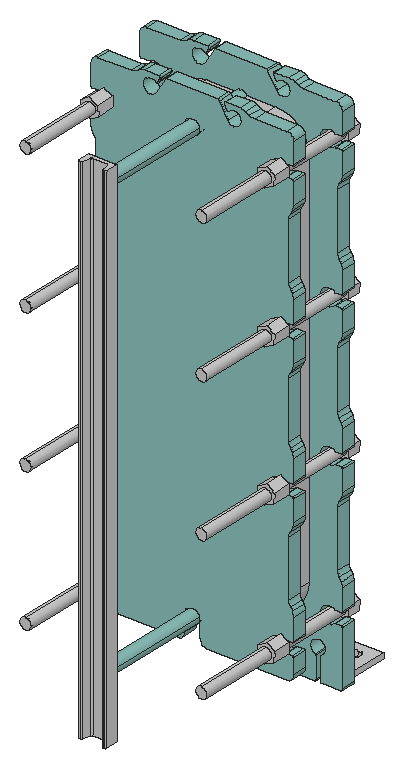
Revit family "Ekin_Endüstriyel - MIT508", category Specialty Equipment, Revit 2022 (continued)
Automatic sketch dimensions
  Extrusion 3 sketch curve to Extrusion 3 sketch curve = 21.75 mm  (x2)
  Extrusion 3 sketch curve to Extrusion 3 sketch curve = 24.00 mm
  Extrusion 3 sketch curve to Extrusion 3 sketch curve = 8.75 mm  (x12)
  Extrusion 3 sketch curve to Extrusion 3 sketch curve = 17.50 mm  (x4)
  Extrusion 3 sketch curve to Extrusion 3 sketch curve = 30.606 mm  (x12)
  Extrusion 3 sketch curve to Extrusion 3 sketch curve = 81.962 mm  (x6)
  Extrusion 3 sketch curve to Extrusion 3 sketch curve = 8.50 mm
  Extrusion 3 sketch curve to Extrusion 3 sketch curve = 26.75 mm  (x2)
  Extrusion 3 sketch curve to Extrusion 3 sketch curve = 29.75 mm  (x2)
  Extrusion 3 sketch curve to Extrusion 3 sketch curve = 5.25 mm  (x2)
  Extrusion 3 sketch curve to Extrusion 3 sketch curve = 8.357 mm  (x2)
  Extrusion 3 sketch curve to Extrusion 3 sketch curve = 1.00 mm  (x5)
  Extrusion 3 sketch curve to Extrusion 3 sketch curve = 5.643 mm  (x2)
  Extrusion 4 sketch curve to Extrusion 4 sketch curve = 0.00 mm  (x4)
  Extrusion 4 sketch curve to plane 3 "Center (Left/Right)" = 0.00 mm  (x2)
  level to Extrusion 4 sketch curve = 84.00 mm
  Extrusion 4 sketch curve to Extrusion 4 sketch curve = 632.00 mm
  plane 3 "Center (Left/Right)" to Extrusion 4 sketch curve = 9.375 mm  (x2)
  Extrusion 4 sketch curve to plane 3 "Center (Left/Right)" = 9.375 mm  (x2)
  Extrusion 4 sketch curve to Extrusion 4 sketch curve = 1.536 mm  (x2)
  Extrusion 5 sketch curve to Extrusion 5 sketch curve = 0.00 mm  (x16)
  Extrusion 5 sketch curve to plane 3 "Center (Left/Right)" = 126.80 mm  (x4)
  plane 3 "Center (Left/Right)" to Extrusion 5 sketch curve = 126.80 mm  (x4)
  level to Extrusion 5 sketch curve = 92.50 mm  (x2)
  Extrusion 5 sketch curve to Extrusion 5 sketch curve = 205.00 mm  (x6)
  Extrusion 5 sketch curve to Extrusion 5 sketch curve = 0.502 mm  (x16)
  Extrusion 6 sketch curve to plane 8 "3" = 0.00 mm
  plane 3 "Center (Left/Right)" to Extrusion 6 sketch curve = 20.00 mm
  Extrusion 6 sketch curve to Extrusion 6 sketch curve = 1.50 mm  (x3)
  Extrusion 6 sketch curve to Extrusion 6 sketch curve = 2.246 mm  (x2)
  Extrusion 6 sketch curve to Extrusion 6 sketch curve = 1.477 mm  (x2)
  Extrusion 6 sketch curve to Extrusion 6 sketch curve = 7.132 mm  (x2)
  Extrusion 6 sketch curve to Extrusion 6 sketch curve = 2.461 mm  (x2)
  Extrusion 6 sketch curve to plane 8 "3" = 5.00 mm
  Extrusion 6 sketch curve to plane 3 "Center (Left/Right)" = 10.407 mm
  Extrusion 6 sketch curve to plane 8 "3" = 7.061 mm
  Extrusion 6 sketch curve to Extrusion 6 sketch curve = 1.909 mm
  Extrusion 6 sketch curve to Extrusion 6 sketch curve = 2.061 mm
  Extrusion 6 sketch curve to Extrusion 6 sketch curve = 10.429 mm
  Extrusion 7 sketch curve to plane 3 "Center (Left/Right)" = 139.211 mm  (x4)
  Extrusion 7 sketch curve to Extrusion 7 sketch curve = 0.87 mm  (x12)
  Extrusion 7 sketch curve to Extrusion 7 sketch curve = 11.541 mm  (x12)
  Extrusion 7 sketch curve to Extrusion 7 sketch curve = 12.411 mm  (x16)
  plane 3 "Center (Left/Right)" to Extrusion 7 sketch curve = 114.389 mm  (x4)
  level to Extrusion 7 sketch curve = 78.671 mm  (x2)
  Extrusion 7 sketch curve to Extrusion 7 sketch curve = 6.161 mm  (x12)
  Extrusion 7 sketch curve to Extrusion 7 sketch curve = 7.668 mm  (x12)
  Extrusion 7 sketch curve to Extrusion 7 sketch curve = 13.829 mm  (x16)
  Extrusion 7 sketch curve to Extrusion 7 sketch curve = 177.342 mm  (x6)
  Extrusion 3 to Extrusion 8 sketch curve = 0.211 mm  (x8)
  Extrusion 8 sketch curve to Extrusion 3 = 0.659 mm  (x8)
  Extrusion 8 sketch curve to Extrusion 3 = 5.079 mm  (x16)
  Extrusion 8 sketch curve to Extrusion 3 = 11.33 mm  (x8)
  Extrusion 8 sketch curve to Extrusion 3 = 13.07 mm  (x8)
  Extrusion 3 to Extrusion 8 sketch curve = 1.082 mm  (x16)
  Extrusion 8 sketch curve to Extrusion 8 sketch curve = 12.411 mm  (x4)
  Extrusion 3 to Extrusion 8 sketch curve = 2.589 mm  (x16)
  Extrusion 8 sketch curve to Extrusion 8 sketch curve = 11.541 mm  (x2)
  Extrusion 8 sketch curve to Extrusion 8 sketch curve = 0.87 mm  (x6)
  Extrusion 8 sketch curve to Extrusion 3 = 24.611 mm  (x4)
  Extrusion 3 to Extrusion 9 sketch curve = 5.623 mm  (x8)
  Extrusion 3 to Extrusion 9 sketch curve = 3.882 mm  (x8)
  Extrusion 9 sketch curve to Extrusion 3 = 10.459 mm  (x8)
  Extrusion 9 sketch curve to Extrusion 3 = 13.941 mm  (x8)
  Extrusion 9 sketch curve to Extrusion 3 = 6.587 mm  (x16)
  Extrusion 9 sketch curve to Extrusion 9 sketch curve = 24.823 mm  (x4)
  Extrusion 9 sketch curve to Extrusion 3 = 3.572 mm  (x16)
  Extrusion 9 sketch curve to Extrusion 9 sketch curve = 1.741 mm  (x7)
  Extrusion 9 sketch curve to Extrusion 9 sketch curve = 23.082 mm
  Extrusion 9 sketch curve to Extrusion 3 = 37.023 mm  (x4)
  Extrusion 9 sketch curve to Extrusion 3 = 14.842 mm  (x2)
  Extrusion 9 sketch curve to Extrusion 3 = 18.908 mm  (x14)
  Extrusion 10 sketch curve to plane 3 "Center (Left/Right)" = 151.623 mm  (x4)
  Extrusion 10 sketch curve to Extrusion 10 sketch curve = 1.741 mm  (x13)
  Extrusion 10 sketch curve to Extrusion 10 sketch curve = 23.082 mm  (x11)
  Extrusion 10 sketch curve to Extrusion 10 sketch curve = 24.823 mm  (x16)
  plane 3 "Center (Left/Right)" to Extrusion 10 sketch curve = 101.977 mm  (x4)
  level to Extrusion 10 sketch curve = 64.842 mm  (x2)
  Extrusion 10 sketch curve to Extrusion 10 sketch curve = 12.322 mm  (x12)
  Extrusion 10 sketch curve to Extrusion 10 sketch curve = 15.337 mm  (x12)
  Extrusion 10 sketch curve to Extrusion 10 sketch curve = 27.658 mm  (x16)
  Extrusion 10 sketch curve to Extrusion 10 sketch curve = 149.684 mm  (x6)
  Extrusion 11 sketch curve to Extrusion 11 sketch curve = 0.00 mm  (x13)
  Extrusion 11 sketch curve to plane 3 "Center (Left/Right)" = 99.00 mm  (x2)
  Extrusion 11 sketch curve to Extrusion 11 sketch curve = 9.50 mm  (x16)
  Extrusion 11 sketch curve to plane 3 "Center (Left/Right)" = 50.00 mm  (x2)
  Extrusion 11 sketch curve to plane 3 "Center (Left/Right)" = 10.50 mm  (x4)
  Extrusion 11 sketch curve to plane 3 "Center (Left/Right)" = 1.00 mm  (x2)
  plane 3 "Center (Left/Right)" to Extrusion 11 sketch curve = 1.00 mm  (x2)
  plane 3 "Center (Left/Right)" to Extrusion 11 sketch curve = 10.50 mm  (x4)
  plane 3 "Center (Left/Right)" to Extrusion 11 sketch curve = 50.00 mm  (x2)
  Extrusion 11 sketch curve to Extrusion 11 sketch curve = 39.50 mm  (x12)
  level to Extrusion 11 sketch curve = 78.00 mm  (x2)
  Extrusion 11 sketch curve to Extrusion 11 sketch curve = 49.00 mm  (x2)
  Extrusion 11 sketch curve to Extrusion 11 sketch curve = 448.00 mm
  Extrusion 11 sketch curve to Extrusion 11 sketch curve = 31.50 mm  (x2)
  plane 3 "Center (Left/Right)" to Extrusion 11 sketch curve = 18.50 mm  (x2)
  plane 9 "Bolt End" to Extrusion 12 sketch curve = 35.217 mm  (x2)
  Extrusion 12 sketch curve to Extrusion 12 sketch curve = 7.00 mm  (x3)
  Extrusion 12 sketch curve to Extrusion 12 sketch curve = 0.00 mm  (x3)
  Extrusion 12 sketch curve to Extrusion 12 sketch curve = 1.087 mm  (x4)
  Extrusion 12 sketch curve to Extrusion 12 sketch curve = 10.986 mm  (x2)
  Extrusion 12 sketch curve to plane 3 "Center (Left/Right)" = 120.00 mm
  Extrusion 12 sketch curve to Extrusion 12 sketch curve = 4.00 mm  (x4)
  plane 3 "Center (Left/Right)" to Extrusion 12 sketch curve = 102.00 mm
  Extrusion 13 sketch curve to level = 0.00 mm
  Extrusion 13 sketch curve to plane 1 "Center (Front/Back)" = 0.00 mm
  Extrusion 13 sketch curve to Extrusion 13 sketch curve = 7.50 mm
  level to Extrusion 13 sketch curve = 7.50 mm
  plane 9 "Bolt End" to Extrusion 13 sketch curve = 48.30 mm
  Extrusion 13 sketch curve to Extrusion 13 sketch curve = 59.50 mm
  Extrusion 14 sketch curve to level = 0.00 mm
  Extrusion 14 sketch curve to plane 1 "Center (Front/Back)" = 0.00 mm
  Extrusion 14 sketch curve to Extrusion 14 sketch curve = 7.50 mm
  level to Extrusion 14 sketch curve = 7.50 mm
  plane 9 "Bolt End" to Extrusion 14 sketch curve = 48.30 mm
  Extrusion 14 sketch curve to Extrusion 14 sketch curve = 59.50 mm
  Extrusion 15 sketch curve to Extrusion 11 = 1.081 mm  (x16)
  Extrusion 15 sketch curve to Extrusion 11 = 3.342 mm  (x16)
  Extrusion 15 sketch curve to Extrusion 11 = 7.721 mm  (x16)
  Extrusion 15 sketch curve to Extrusion 11 = 2.684 mm  (x16)
  Extrusion 15 sketch curve to Extrusion 11 = 8.861 mm  (x16)
  Extrusion 15 sketch curve to Extrusion 15 sketch curve = 14.419 mm  (x16)
  Extrusion 15 sketch curve to Extrusion 15 sketch curve = 7.779 mm  (x11)
  Extrusion 15 sketch curve to Extrusion 15 sketch curve = 6.639 mm  (x13)
  Extrusion 15 sketch curve to Extrusion 11 = 14.842 mm  (x8)
  Extrusion 15 sketch curve to Extrusion 11 = 29.919 mm  (x8)
  Extrusion 15 sketch curve to Extrusion 15 sketch curve = 12.158 mm  (x12)
  Extrusion 15 sketch curve to Extrusion 15 sketch curve = 0.00 mm  (x6)
  Extrusion 15 sketch curve to Extrusion 15 sketch curve = 12.816 mm  (x26)
  Extrusion 15 sketch curve to Extrusion 15 sketch curve = 13.474 mm
  Extrusion 15 sketch curve to Extrusion 15 sketch curve = 24.974 mm  (x5)
  Extrusion 15 sketch curve to Extrusion 15 sketch curve = 0.658 mm  (x6)
  Extrusion 16 sketch curve to Extrusion 16 sketch curve = 0.00 mm  (x32)
  Extrusion 16 sketch curve to Extrusion 11 = 15.50 mm  (x32)
  Extrusion 16 sketch curve to Extrusion 11 = 2.181 mm  (x16)
  Extrusion 16 sketch curve to Extrusion 11 = 8.60 mm  (x16)
  Extrusion 16 sketch curve to Extrusion 16 sketch curve = 6.90 mm  (x16)
  Extrusion 11 to Extrusion 17 sketch curve = 25.062 mm
  Extrusion 17 sketch curve to Extrusion 17 sketch curve = 2.527 mm  (x2)
  Extrusion 17 sketch curve to Extrusion 17 sketch curve = 10.535 mm
  Extrusion 11 to Extrusion 17 sketch curve = 9.473 mm  (x2)
  Extrusion 11 to Extrusion 17 sketch curve = 1.465 mm  (x2)
  Extrusion 17 sketch curve to Extrusion 11 = 1.062 mm  (x2)
  Extrusion 17 sketch curve to Extrusion 17 sketch curve = 13.062 mm  (x2)
  Extrusion 11 to Extrusion 17 sketch curve = 46.624 mm  (x2)
  Extrusion 17 sketch curve to Extrusion 17 sketch curve = 4.623 mm  (x4)
  Extrusion 17 sketch curve to Extrusion 17 sketch curve = 9.001 mm  (x2)
  Extrusion 17 sketch curve to Extrusion 17 sketch curve = 13.624 mm  (x4)
  Extrusion 18 sketch curve to Extrusion 18 sketch curve = 0.00 mm  (x50)
  plane 3 "Center (Left/Right)" to Extrusion 18 sketch curve = 50.00 mm  (x2)
  Extrusion 18 sketch curve to plane 3 "Center (Left/Right)" = 50.00 mm  (x2)
  level to Extrusion 18 sketch curve = 127.00 mm
  Extrusion 18 sketch curve to Extrusion 18 sketch curve = 546.00 mm
  Extrusion 18 sketch curve to Extrusion 18 sketch curve = 28.00 mm  (x2)
  Extrusion 18 sketch curve to Extrusion 18 sketch curve = 2.00 mm  (x4)
  Extrusion 18 sketch curve to plane 3 "Center (Left/Right)" = 20.00 mm  (x2)
  Extrusion 19 sketch curve to Extrusion 19 sketch curve = 0.00 mm  (x11)
  Extrusion 19 sketch curve to level = 0.00 mm  (x2)
  Extrusion 19 sketch curve to plane 4 = 1306.00 mm
  level to Extrusion 19 sketch curve = 3.00 mm  (x4)
  Extrusion 19 sketch curve to Extrusion 19 sketch curve = 10.00 mm  (x5)
  Extrusion 19 sketch curve to plane 4 = 1286.80 mm
  Extrusion 19 sketch curve to Extrusion 19 sketch curve = 9.20 mm
  Extrusion 19 sketch curve to Extrusion 19 sketch curve = 16.20 mm
  Extrusion 19 sketch curve to Extrusion 19 sketch curve = 15.80 mm
  Extrusion 19 sketch curve to Extrusion 19 sketch curve = 46.856 mm
  Extrusion 19 sketch curve to Extrusion 19 sketch curve = 7.50 mm  (x4)
  Extrusion 19 sketch curve to Extrusion 19 sketch curve = 32.00 mm  (x5)
  Extrusion 19 sketch curve to Extrusion 19 sketch curve = 5.163 mm  (x2)
  level to Extrusion 19 sketch curve = 29.393 mm  (x2)
  Extrusion 19 sketch curve to Extrusion 19 sketch curve = 4.393 mm
  Extrusion 19 sketch curve to Extrusion 19 sketch curve = 10.607 mm  (x5)
  Extrusion 19 sketch curve to Extrusion 19 sketch curve = 8.981 mm  (x2)
  level to Extrusion 19 sketch curve = 45.607 mm  (x2)
  Extrusion 19 sketch curve to Extrusion 19 sketch curve = 16.213 mm  (x2)
  Extrusion 19 sketch curve to Extrusion 19 sketch curve = 5.393 mm
  Extrusion 19 sketch curve to Extrusion 19 sketch curve = 89.574 mm
  Extrusion 19 sketch curve to Extrusion 19 sketch curve = 100.00 mm
  Extrusion 19 sketch curve to Extrusion 19 sketch curve = 5.213 mm
  Extrusion 19 sketch curve to Extrusion 19 sketch curve = 15.00 mm
  Extrusion 19 sketch curve to Extrusion 19 sketch curve = 39.393 mm
  Extrusion 19 sketch curve to plane 4 = 1033.20 mm  (x4)
  Extrusion 19 sketch curve to plane 4 = 1024.00 mm
  Extrusion 19 sketch curve to plane 4 = 1017.00 mm
  Extrusion 19 sketch curve to Extrusion 19 sketch curve = 15.607 mm  (x2)
  Extrusion 19 sketch curve to Extrusion 19 sketch curve = 47.50 mm  (x2)
  Extrusion 19 sketch curve to Extrusion 19 sketch curve = 77.00 mm
  Extrusion 19 sketch curve to Extrusion 19 sketch curve = 170.50 mm  (x3)
  Extrusion 19 sketch curve to Extrusion 19 sketch curve = 205.00 mm  (x2)
  Extrusion 19 sketch curve to Extrusion 19 sketch curve = 34.50 mm  (x2)
  Extrusion 19 sketch curve to Extrusion 19 sketch curve = 40.50 mm  (x2)
  Extrusion 19 sketch curve to Extrusion 19 sketch curve = 2.00 mm  (x2)
  Extrusion 19 sketch curve to Extrusion 19 sketch curve = 2.01 mm  (x2)
  Extrusion 19 sketch curve to Extrusion 19 sketch curve = 2.981 mm
  Extrusion 20 sketch curve to Extrusion 20 sketch curve = 0.00 mm  (x12)
  Extrusion 20 sketch curve to plane 4 = 1063.00 mm
  Extrusion 20 sketch curve to Extrusion 20 sketch curve = 47.00 mm  (x7)
  Extrusion 20 sketch curve to Extrusion 20 sketch curve = 40.50 mm  (x4)
  Extrusion 20 sketch curve to Extrusion 20 sketch curve = 9.50 mm  (x2)
  level to Extrusion 20 sketch curve = 76.00 mm
  Extrusion 20 sketch curve to Extrusion 20 sketch curve = 7.00 mm
  Extrusion 20 sketch curve to Extrusion 20 sketch curve = 4.00 mm  (x2)
  Extrusion 20 sketch curve to Extrusion 20 sketch curve = 546.00 mm
  Extrusion 20 sketch curve to Extrusion 20 sketch curve = 1.00 mm  (x2)
  Extrusion 20 sketch curve to Extrusion 20 sketch curve = 40.00 mm
  Extrusion 20 sketch curve to Extrusion 20 sketch curve = 8.00 mm  (x2)
  Extrusion 20 sketch curve to Extrusion 20 sketch curve = 15.00 mm  (x2)
  Extrusion 20 sketch curve to Extrusion 20 sketch curve = 32.00 mm  (x2)
  Extrusion 21 sketch curve to Extrusion 21 sketch curve = 0.00 mm  (x23)
  Extrusion 21 sketch curve to plane 4 = 1014.00 mm
  Extrusion 21 sketch curve to Extrusion 21 sketch curve = 10.00 mm  (x6)
  Extrusion 21 sketch curve to plane 4 = 1033.20 mm  (x4)
  Extrusion 21 sketch curve to Extrusion 21 sketch curve = 46.856 mm
  Extrusion 21 sketch curve to Extrusion 21 sketch curve = 7.50 mm  (x4)
  Extrusion 21 sketch curve to Extrusion 21 sketch curve = 5.163 mm  (x2)
  Extrusion 21 sketch curve to Extrusion 21 sketch curve = 8.981 mm  (x2)
  level to Extrusion 21 sketch curve = 50.00 mm  (x2)
  Extrusion 21 sketch curve to Extrusion 21 sketch curve = 105.80 mm  (x2)
  Extrusion 21 sketch curve to Extrusion 21 sketch curve = 60.00 mm  (x2)
  Extrusion 21 sketch curve to Extrusion 21 sketch curve = 11.00 mm  (x2)
  Extrusion 21 sketch curve to Extrusion 21 sketch curve = 115.80 mm
  Extrusion 21 sketch curve to Extrusion 21 sketch curve = 37.656 mm
  Extrusion 21 sketch curve to Extrusion 21 sketch curve = 9.20 mm  (x2)
  Extrusion 21 sketch curve to Extrusion 21 sketch curve = 24.00 mm
  Extrusion 21 sketch curve to Extrusion 21 sketch curve = 32.50 mm  (x2)
  Extrusion 21 sketch curve to Extrusion 21 sketch curve = 205.00 mm  (x6)
  Extrusion 21 sketch curve to Extrusion 21 sketch curve = 8.50 mm
  Extrusion 21 sketch curve to Extrusion 21 sketch curve = 40.50 mm  (x2)
  Extrusion 21 sketch curve to Extrusion 21 sketch curve = 32.00 mm
  Extrusion 21 sketch curve to Extrusion 21 sketch curve = 2.00 mm  (x2)
  Extrusion 21 sketch curve to Extrusion 21 sketch curve = 2.01 mm  (x2)
  Extrusion 21 sketch curve to Extrusion 21 sketch curve = 2.981 mm
  Extrusion 21 sketch curve to Extrusion 21 sketch curve = 12.00 mm  (x8)
  Extrusion 21 sketch curve to Extrusion 21 sketch curve = 1.519 mm
  Extrusion 21 sketch curve to Extrusion 21 sketch curve = 10.50 mm
  Extrusion 22 sketch curve to level = 0.00 mm
  plane 5 to Extrusion 22 sketch curve = 854.00 mm
  plane 5 to Extrusion 22 sketch curve = 873.20 mm  (x2)
  Extrusion 22 sketch curve to Extrusion 22 sketch curve = 19.20 mm  (x3)
  Extrusion 22 sketch curve to Extrusion 22 sketch curve = 15.80 mm  (x2)
  plane 5 to Extrusion 22 sketch curve = 940.00 mm
  plane 5 to Extrusion 22 sketch curve = 1060.00 mm
  level to Extrusion 22 sketch curve = 45.00 mm  (x2)
  plane 5 to Extrusion 22 sketch curve = 1111.00 mm
  plane 5 to Extrusion 22 sketch curve = 1126.80 mm  (x2)
  Extrusion 22 sketch curve to Extrusion 22 sketch curve = 66.80 mm
  Extrusion 22 sketch curve to Extrusion 22 sketch curve = 47.50 mm  (x2)
  Extrusion 22 sketch curve to Extrusion 22 sketch curve = 205.00 mm  (x6)
  Extrusion 22 sketch curve to Extrusion 22 sketch curve = 40.50 mm  (x2)
  Extrusion 22 sketch curve to Extrusion 22 sketch curve = 57.50 mm
  plane 5 to Extrusion 23 sketch curve = 1097.00 mm
  plane 5 to Extrusion 23 sketch curve = 1009.50 mm  (x2)
  plane 5 to Extrusion 23 sketch curve = 990.50 mm  (x2)
  Extrusion 23 sketch curve to Extrusion 23 sketch curve = 87.50 mm
  level to Extrusion 23 sketch curve = 76.00 mm
  Extrusion 23 sketch curve to Extrusion 23 sketch curve = 0.00 mm
  Extrusion 23 sketch curve to Extrusion 23 sketch curve = 16.50 mm
  Extrusion 23 sketch curve to Extrusion 23 sketch curve = 611.00 mm
  Extrusion 23 sketch curve to Extrusion 23 sketch curve = 17.50 mm  (x2)
  Extrusion 24 sketch curve to Extrusion 24 sketch curve = 0.00 mm  (x22)
  plane 5 to Extrusion 24 sketch curve = 1000.00 mm
  plane 5 to Extrusion 24 sketch curve = 1011.00 mm
  plane 5 to Extrusion 24 sketch curve = 1060.00 mm
  plane 5 to Extrusion 24 sketch curve = 1126.80 mm  (x2)
  Extrusion 24 sketch curve to Extrusion 24 sketch curve = 66.80 mm  (x2)
  Extrusion 24 sketch curve to Extrusion 24 sketch curve = 115.80 mm  (x2)
  Extrusion 24 sketch curve to Extrusion 24 sketch curve = 19.20 mm  (x2)
  plane 5 to Extrusion 24 sketch curve = 989.00 mm
  plane 5 to Extrusion 24 sketch curve = 940.00 mm
  plane 5 to Extrusion 24 sketch curve = 873.20 mm  (x2)
  level to Extrusion 24 sketch curve = 50.00 mm  (x2)
  Extrusion 24 sketch curve to Extrusion 24 sketch curve = 42.50 mm  (x2)
  Extrusion 24 sketch curve to Extrusion 24 sketch curve = 45.00 mm
  Extrusion 24 sketch curve to Extrusion 24 sketch curve = 205.00 mm  (x6)
  Extrusion 24 sketch curve to Extrusion 24 sketch curve = 8.50 mm
  Extrusion 24 sketch curve to Extrusion 24 sketch curve = 32.00 mm  (x2)
  Extrusion 24 sketch curve to Extrusion 24 sketch curve = 57.50 mm
  Extrusion 24 sketch curve to Extrusion 24 sketch curve = 11.00 mm
  Extrusion 24 sketch curve to Extrusion 24 sketch curve = 10.50 mm  (x2)
  Extrusion 24 sketch curve to Extrusion 24 sketch curve = 12.00 mm  (x8)
  plane 5 to Extrusion 25 sketch curve = 901.00 mm
  plane 5 to Extrusion 25 sketch curve = 999.00 mm  (x2)
  plane 5 to Extrusion 25 sketch curve = 1001.00 mm  (x2)
  level to Extrusion 25 sketch curve = 78.00 mm
  Extrusion 25 sketch curve to Extrusion 25 sketch curve = 0.00 mm  (x4)
  level to Extrusion 26 sketch curve = 127.00 mm
  Extrusion 26 sketch curve to Extrusion 26 sketch curve = 0.00 mm  (x3)
  Extrusion 26 sketch curve to Extrusion 26 sketch curve = 546.00 mm
  plane 5 to Extrusion 26 sketch curve = 980.00 mm  (x2)
  Extrusion 26 sketch curve to Extrusion 26 sketch curve = 30.00 mm  (x4)
  plane 5 to Extrusion 26 sketch curve = 1050.00 mm  (x2)
  Extrusion 25 sketch curve to Extrusion 25 sketch curve = 98.00 mm  (x5)
  Extrusion 25 sketch curve to Extrusion 25 sketch curve = 448.00 mm
  radius of Extrusion 19 sketch curve = 10.50 mm  (x4)
  radius of Extrusion 19 sketch curve = 12.00 mm  (x8)
  radius of Extrusion 22 sketch curve = 10.50 mm  (x4)
  radius of Extrusion 22 sketch curve = 12.00 mm  (x8)
Connectors
  piping at (50, 48, 673), diameter 50.8
    settings: on Extrusion 18, index 1, connector inside diameter 609.6 mm, connector length 0.00 mm, flow factor 0, pipe flow 0.0 L/s, pressure drop 0 psi, fitting loss kfactor 0, connector angle 0.00°, fixture units 0, engagement length 0.00 mm, angle of deflection 0.00°, flow configuration 0, flow direction 1, fitting loss method 0, system type 7, joint type 0, gender type 0, connector reference index -1, connector utility 0, adjustable connector no, is connector primary yes, connector description ""
  piping at (-50, 48, 673), diameter 50.8
    settings: on Extrusion 18, index 2, connector inside diameter 609.6 mm, connector length 0.00 mm, flow factor 0, pipe flow 0.0 L/s, pressure drop 0 psi, fitting loss kfactor 0, connector angle 0.00°, fixture units 0, engagement length 0.00 mm, angle of deflection 0.00°, flow configuration 0, flow direction 2, fitting loss method 0, system type 7, joint type 0, gender type 0, connector reference index -1, connector utility 0, adjustable connector no, is connector primary no, connector description ""
  piping at (50, 48, 127), diameter 50.8
    settings: on Extrusion 18, index 3, connector inside diameter 609.6 mm, connector length 0.00 mm, flow factor 0, pipe flow 0.0 L/s, pressure drop 0 psi, fitting loss kfactor 0, connector angle 0.00°, fixture units 0, engagement length 0.00 mm, angle of deflection 0.00°, flow configuration 0, flow direction 2, fitting loss method 0, system type 7, joint type 0, gender type 0, connector reference index -1, connector utility 0, adjustable connector no, is connector primary no, connector description ""
  piping at (-50, 48, 127), diameter 50.8
    settings: on Extrusion 18, index 4, connector inside diameter 609.6 mm, connector length 0.00 mm, flow factor 0, pipe flow 0.0 L/s, pressure drop 0 psi, fitting loss kfactor 0, connector angle 0.00°, fixture units 0, engagement length 0.00 mm, angle of deflection 0.00°, flow configuration 0, flow direction 1, fitting loss method 0, system type 7, joint type 0, gender type 0, connector reference index -1, connector utility 0, adjustable connector no, is connector primary no, connector description ""
Types (2, lengths in mm): name | Threaded Connection | Model | Flange Connection | Design Pressure
  Flanged | no | "H12340000F50L" | yes | 100 psi
  Threaded | yes | "H12340000DD50L" | no | 101.526 psi
